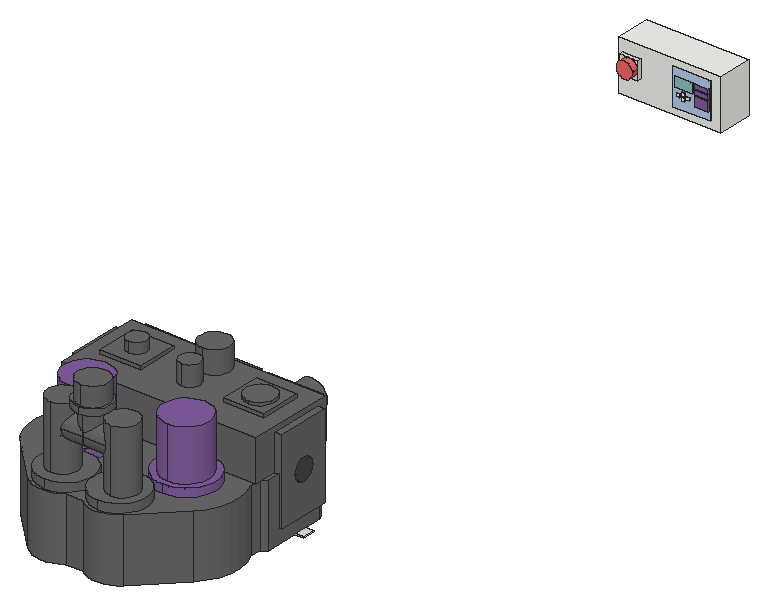
Revit family "28765", category Generic Models, Revit 2021
Family settings
  Can host rebar = No
  Round Connector Dimension = Use Diameter
  Part Type = Normal
  Work Plane-Based = No
  Always vertical = Yes
  Cut with Voids When Loaded = No
  Shared = Yes
  Room Calculation Point = No
Parameters (values of type "28765")
  SUPPLIER = "KESSEL"
  SA700ID50 = "intern"
  SA700ID49 = "Protection Class I"
  SA700ID48 = "no"
  SA700ID47 = "no"
  SA700ID46 = "yes"
  SA700ID37 = 16000 mm
  SA700ID34 = 47
  SA700ID33 = 3.2 W
  SA700ID32 = 90.25 kg
  SA700ID31 = 1
  SA700ID30 = 2
  SA700ID29 = "GLRD"
  SA700ID21 = 1600
  SA700ID10 = "yes"
  SA700ID08 = 400 V
  PROCUREWEBLINK = "https://p.caden.as/kessel/28765"
  PROCURELINK = "p.caden.as/kessel/28765"
  PROCUREDATALASTUPDATE = "2024-05-22T12:18:08.843890823+01:00"
  PRC_SPECIFICATIONLINK = "https://ausschreiben.de/catalog/kessel/catalogItem/beda1956-8d32-4baa-b877-114dab5ccb04"
  NN = "Lifting station Aqualift F"
  NBSYN = "$SA810ID03."
  NB = "28765"
  Model = "28765"
  Manufacturer = "KESSEL"
  MIdent = "{$CADENAS_DATA/23d-libs/kessel/kessel_vdi_import/4/entwaesserung/hebeanlage20aqualift20f.prj},198 {STYP=ASS},{VTYP=3D},{NB=28765},{LINA=28765},{NN=Lifting station Aqualift F},{DATE=21.11.2022 10:45:45},{GEOMDATE=21.11.2022 10:45:45},{VERSION=},{LINEID=250},{WBVAR=LODLEVEL},{WBNUMERIC=LODLEVEL}  {NB=28765},{LINA=28765},{KT=DUMMY},{PREVIEW=../../bilder/ksb_w_28765.png},{SA700ID04=Hebeanlage Aqualift F Duo, Comfort, SPF 3000-S3},{SA810ID06=04026092054567},{SA700ID34=47.00},{SA010ID03=201805},{SA810ID03=28765},{SA810ID10=Die Hebeanlage für fäkalienhaltiges und fäkalienfreies Abwasser ist mit zwei überflutbaren Pumpen sowie einem Rückflussverhinderer ausgestattet. Der Sammelbehälter aus dauerhaft beständigem Kunststoff (PE) bietet universale Anschlussmöglichkeiten und hat eine verschraubte Reinigungsöffnung.Die Steuerung erfolgt durch ein anwenderfreundliches Schaltgerät, das optional über einen potentialfreien Kontakt in die Gebäudeleittechnik eingebunden werden oder Alarm- und Sammelstörmeldungen über eine GSM-Schnittstelle (Comfort Schaltgerät) ausgeben kann.Ausführung:Absperreinrichtung: ohne SchieberAnlagenart: DoppelanlagePumpensteuerung: SchaltgerätRückflussverhinderer: integriertSchalldämmmatte: jaEinbausituation: freie AufstellungAbwasserart: fäkalienhaltigAllgemeine Merkmale:Farbe: schwarzNorm: EN 12050-1Abmessungen:Länge: 773 mmBreite: 780 mmHöhe: 539 mmBehälter/Grundkörper:Zulauf Anzahl: 2 STZulauf Nennweite (DN): 100 mmZulauf Nennweite (DA): 110 mmZulauf max. Anbohrung (DN): 150 mmAbstand Rohrsohle Zulauf zu Behälterboden: 245 mmAbstand Rohrmitte Zulauf zu Behälterboden: 300 mmAnschluss für Handmembranpumpe (DN): 32Behältervolumen: 120 lDruckabgang: senkrechtDruckabgang (DA): 110 mmDruckabgang (DN): 100 mmEntlüftungsanschluss (DN): 70 mmNutzvolumen: 50 lFreier Kugeldurchgang: 40 mmFördereinrichtung:Pumpe: SPF 3000Anzahl Pumpen: 2Förderhöhe max.: 16 mFörderleistung max.: 47 m3/hBetriebsart: S3 - 50 %Leistung P1: 3,2 kWLeistung P2: 2,7 kWDrehzahl: 2.845 U/minFörderguttemperatur (dauerhaft) max.: 40 °CAnschlusstyp: DirektanschlussGewicht: 24 kgLaufrad Typ: FreistromradLänge Netzanschlussleitung Pumpe: 5 mNennstrom: 5,4 ASchutzart Pumpe: IP 68 (3m/48h)Schutzklasse: ITyp Anschlussleitung Pumpe: H07RN-F 7G 1,5 mm2Temperaturüberwachung: integriertSteuerung:Schaltgerät: ComfortBetriebsspannung: 400 VNetzfrequenz: 50 HzSelbstdiagnosesystem (SDS): jaBatteriepufferung: jaMehrzeilige Displayanzeige: jaLogbuchfunktion: jaGSM-Schnittstelle: jaPotentialfreier Kontakt: jaErforderliche Absicherung (Leitungsschutz): 3 x C 20 AMotorschutz Schalter: jaSchutzart Schaltgerät: IP 54Länge Netzanschlussleitung Schaltgerät: 0 mArt Niveauerfassung: pneumatischInstrument Niveauerfassung: Tauchrohr mit DruckwächterAlarmgeber: Tauchrohr},{SA700ID37=16.00},{SA700ID33=3.20},{SA700ID08=400},{SA700ID30=2},{SA700ID32=90.25},{SA700ID49=Schutzklasse I},{SA700ID50=intern},{SA200ID03=6},{SA250ID03=vertikal},{SA260ID03=Trockenläuferpumpe},{SA350ID03=normalansaugend},{SA400ID03=E-Motor für Drehstrom},{SA460ID03=direkt},{SA500ID03=Kunststoff, Edelstahl},{SA700ID06=100},{SA700ID07=100},{SA700ID09=3/N/PE 400V},{SA700ID10=Ja},{SA700ID11=50},{SA700ID12=IP 68},{SA700ID13=F},{SA700ID15=40},{SA700ID21=1600.00},{SA700ID22=2.70},{SA700ID23=2845},{SA700ID24=2845},{SA700ID26=5.40},{SA700ID27=41.00},{SA700ID28=durchgehend},{SA700ID29=GLRD},{SA700ID31=1},{SA700ID46=ja},{SA700ID47=nein},{SA700ID48=nein},{SA110ID04=Hebeanlage Aqualift F},{SA300ID03=einstufig},{SA700ID44=10.00},{SA700ID45=10.00},{SA010ID04=KESSEL AG},{LODLEVEL=200},{LINK=https://www.kessel.de/info?han=28765},{SA970ID01=970},{SA970ID02=7096},{SA970ID03=28765},{SA970ID04=11002617},{SA970ID05=QUAD},{SA970ID06=-410},{SA970ID07=-678},{SA970ID08=0},{SA970ID09=1},{SA970ID10=0},{SA970ID11=0},{SA970ID12=0},{SA970ID13=1},{SA970ID14=0},{SA970ID15=819.99},{SA970ID16=843},{SA970ID17=600},{LODLEVEL_=200,'Low'},{LODLEVEL_DEU=200,'Low'},{LINK_=https://www.kessel.de/info?han=28765},{LINK_DEU=https://www.kessel.de/info?han=28765},{LODLEVEL_3DB=28765_200},{DNIN1=100},{DNIN2=70},{DNIN3=10},{DNIN4=10},{DNIN5=10},{DNIN6=50},{DNIN7=50},{DNIN8=50},{DNIN9=50},{DNOUT1=100},{DNOUT2=70},{DNOUT3=32},{ISDIN1=75},{ISDIN2=83.200},{ISDIN3=10},{ISDOUT1=70.000},{ISDOUT2=73.200},{ISDOUT3=75},{SA010ID01=010},{SA010ID02=4},{SA010ID06=www.kessel.de},{SA010ID07=www.kessel.de},{SA010ID12=20180713},{SA010ID13=DEU},{SA010ID14=DE},{SA100ID01=100},{SA100ID02=4},{SA100ID04=Entwässerung},{SA110ID01=110},{SA110ID02=4},{SA200ID01=200},{SA200ID02=6},{SA250ID01=250},{SA250ID02=2},{SA260ID01=260},{SA260ID02=2},{SA300ID01=300},{SA300ID02=1},{SA350ID01=350},{SA350ID02=1},{SA400ID01=400},{SA400ID02=2},{SA460ID01=460},{SA460ID02=1},{SA500ID01=500},{SA500ID02=1},{SA700ID01=700},{SA700ID02=24},{SA700ID10_=1},{SA700ID16=0},{SA700ID25=0},{SA700ID46_=1},{SA700ID47_=0},{SA700ID48_=0},{SA700ID49_=1},{SA700ID50_=2},{SA800ID01=800},{SA800ID02=24},{SA810ID01=810},{SA810ID02=24},{SA810ID04=28765},{SA810ID07=24},{SA810ID09=1},{SA810ID14=PCE},{SA810ID15=1},{SA810ID16=NMP},{SA960ID03=24},{SA960ID04=3L},{SA960ID08=https://www.kessel.de/info?han=28765},{SA010ID08=4026092000007},{SA100ID05=Hebeanlage},{SA110ID06=Hebeanlage}"
  LINK = "https://www.kessel.de/info?han=28765"
  LINA = "28765"
  Default Elevation = 0 mm
  CREATOR = "CADENAS GmbH"
  CATALOG = "KESSEL"
  BOMINFO = "LINA"
  ARTICLENO = "NB"
  4.810.00.9 Order quantity (multiplicator) = "1"
  4.810.00.7 Media- connection number = "24"
  4.810.00.6 GTIN number = "04026092054567"
  4.810.00.4 DATANORM number = "28765"
  4.810.00.3 Producer order number = "28765"
  4.710.03.7 Mass (net) = 90.25 kg
  4.710.03.6 Height = 539 mm
  4.710.03.5 Width = 780 mm
  4.710.03.4 Length = 773 mm
  4.710.03.3 Type of dimensions = "2"
  4.710.02.8 Area of application of wastewater pump = "1"
  4.710.02.7 Art des S2/S3-Betriebs = "50 %"
  4.710.02.6 Duty type = "S3"
  4.710.02.5 Cutting device = "0"
  4.710.02.4 Attached pump control = "1"
  4.710.02.3 Free passage = 40 mm
  4.710.01.6 Option to connect to building automation = "40"
  4.710.01.5 Load regulation = "0"
  4.710.01.4 Designation of closed-loop control = "50"
  4.710.01.3 Identifier for closed-loop control = "120"
  4.700.00.9 Voltage = 0
  4.700.00.8 Nominal connection size on suction side = "100"
  4.700.00.7 Nominal connection size on pressure side = "100"
  4.700.00.6 Type of connection = "100"
  4.700.00.4 Product indentification = "Hebeanlage Aqualift F Duo, Comfort, SPF 3000-S3"
  4.700.00.28 Motor pump shaft = "durchgehend"
  4.700.00.27 Starting current = 41
  4.700.00.26 Maximum power consumption per pump / drive = 5.4
  4.700.00.25 Minimum speed at internal speed adjustment = 0
  4.700.00.24 Nominal speed / maximum speed n = 47.4167
  4.700.00.23 Nominal speed of motor = 47.4167
  4.700.00.22 Maximum shaft output (P2) per pump/drive = 2.7 W
  4.700.00.16 Maximum temperature of pumped medium = 0 °C
  4.700.00.15 Increased safety class = "40 °C"
  4.700.00.13 Type of protection = "F"
  4.700.00.12 Frequency = 0
  4.700.00.11 Stern-/Dreieck-Anlaufschaltung bei Dreiphasenanschluss oder Drehstrom = "50 Hz"
  4.700.00.10 Phase = "1"
  4.500.00.3 Variant / Variant type / Accessories-name = "Kunststoff, Edelstahl"
  4.460.00.3 Variant / Variant type / Accessories-name = "direkt"
  4.400.00.3 Variant / Variant type / Accessories-name = "E-Motor für Drehstrom"
  4.350.00.3 Variant / Variant type / Accessories-name = "normalansaugend"
  4.300.00.3 Variant / Variant type / Accessories-name = "einstufig"
  4.260.00.3 Variant / Variant type / Accessories-name = "Trockenläuferpumpe"
  4.250.00.3 Variant / Variant type / Accessories-name = "vertikal"
  4.200.00.3 Variant / Variant type / Accessories-name = "6"
  4.110.00.6 Product classification = "Hebeanlage"
  4.110.00.4 Product indentification = "Hebeanlage Aqualift F"
  4.100.00.5 Main groups of wares = "Hebeanlage"
  4.100.00.4 Product indentification = "Entwässerung"
  4.010.00.8 Producer ID number = "4026092000007"
  4.010.00.7 Comment = "www.kessel.de"
  4.010.00.6 Web address of the manufacturer = "www.kessel.de"
  4.010.00.4 Manufacturer name = "KESSEL AG"
  4.010.00.3 Date of issuance (month) of guideline = "201805"
  4.010.00.2 Sheet number of the guideline = "4"
  4.010.00.14 Kennungen der Projektländer, für die die Datei gültig ist = "DE"
  4.010.00.13 Sprache der Datei = "DEU"
  4.010.00.12 Stand des Herstellerkatalogs = "20180713"
Reference planes
  plane 1 "Center (Front/Back)": y = 0
  plane 2: z = 0
  plane 3 "Center (Left/Right)": x = 0
Dimensions and locks
  aligned and locked: level to plane 2
Nested families
  nested 1: "28765_content" at (0, 0, 0), type "28765_Content"
  nested 2: "28765_part1_X0Y0" at (1000, 1000, 1200), type "28765_PART1_X0Y0"
  nested 3: "28765_part2_X0Y0" at (0, 0, 0), type "28765_PART2_X0Y0"
Connectors
  electrical at (861, 933, 1201.5)
    settings: on nested 2, index 1, voltage 0 V, apparent load 0 VA, apparent load phase1 0 VA, apparent load phase2 0 VA, apparent load phase3 0 VA, power factor 1, load classification "Other", number of poles 1, system type 31, power factor state 1, is connector primary yes, connector utility no, sub classification motor no, connector description ""
  piping at (230, 164.99, 301), diameter 100
    settings: on nested 3, index 2, connector inside diameter 609.6 mm, connector length 0 mm, flow factor 0, pipe flow 0.0 L/s, pressure drop 0.0 Pa, fitting loss kfactor 0, connector angle 0.00°, fixture units 0, engagement length 0 mm, angle of deflection 0.00°, flow configuration 0, flow direction 1, fitting loss method 2, system type 29, joint type 0, gender type 0, connector reference index -1, connector utility 0, adjustable connector no, is connector primary yes, connector description ""
  piping at (0, 0, 471), diameter 100
    settings: on nested 3, index 3, connector inside diameter 609.6 mm, connector length 0 mm, flow factor 0, pipe flow 0.0 L/s, pressure drop 0.0 Pa, fitting loss kfactor 0, connector angle 0.00°, fixture units 0, engagement length 0 mm, angle of deflection 0.00°, flow configuration 0, flow direction 1, fitting loss method 2, system type 29, joint type 0, gender type 0, connector reference index -1, connector utility 0, adjustable connector no, is connector primary no, connector description ""
  piping at (391.5, -74.999, 214), diameter 70
    settings: on nested 3, index 4, connector inside diameter 609.6 mm, connector length 0 mm, flow factor 0, pipe flow 0.0 L/s, pressure drop 0.0 Pa, fitting loss kfactor 0, connector angle 0.00°, fixture units 0, engagement length 0 mm, angle of deflection 0.00°, flow configuration 0, flow direction 0, fitting loss method 2, system type 29, joint type 0, gender type 0, connector reference index -1, connector utility 0, adjustable connector no, is connector primary no, connector description ""
  piping at (0.999, 96.5, 214), diameter 70
    settings: on nested 3, index 5, connector inside diameter 609.6 mm, connector length 0 mm, flow factor 0, pipe flow 0.0 L/s, pressure drop 0.0 Pa, fitting loss kfactor 0, connector angle 0.00°, fixture units 0, engagement length 0 mm, angle of deflection 0.00°, flow configuration 0, flow direction 0, fitting loss method 2, system type 29, joint type 0, gender type 0, connector reference index -1, connector utility 0, adjustable connector no, is connector primary no, connector description ""
  piping at (-230.25, 91.49, 214), diameter 70
    settings: on nested 3, index 6, connector inside diameter 609.6 mm, connector length 0 mm, flow factor 0, pipe flow 0.0 L/s, pressure drop 0.0 Pa, fitting loss kfactor 0, connector angle 0.00°, fixture units 0, engagement length 0 mm, angle of deflection 0.00°, flow configuration 0, flow direction 0, fitting loss method 2, system type 29, joint type 0, gender type 0, connector reference index -1, connector utility 0, adjustable connector no, is connector primary no, connector description ""
  piping at (-391.5, -75, 214), diameter 70
    settings: on nested 3, index 7, connector inside diameter 609.6 mm, connector length 0 mm, flow factor 0, pipe flow 0.0 L/s, pressure drop 0.0 Pa, fitting loss kfactor 0, connector angle 0.00°, fixture units 0, engagement length 0 mm, angle of deflection 0.00°, flow configuration 0, flow direction 0, fitting loss method 2, system type 29, joint type 0, gender type 0, connector reference index -1, connector utility 0, adjustable connector no, is connector primary no, connector description ""
  piping at (0, -115, 461), diameter 70
    settings: on nested 3, index 8, connector inside diameter 609.6 mm, connector length 0 mm, flow factor 0, pipe flow 0.0 L/s, pressure drop 0.0 Pa, fitting loss kfactor 0, connector angle 0.00°, fixture units 0, engagement length 0 mm, angle of deflection 0.00°, flow configuration 0, flow direction 2, fitting loss method 2, system type 29, joint type 0, gender type 0, connector reference index -1, connector utility 0, adjustable connector no, is connector primary no, connector description ""
  piping at (0, -568, 600), diameter 100
    settings: on nested 3, index 9, connector inside diameter 609.6 mm, connector length 0 mm, flow factor 0, pipe flow 0.0 L/s, pressure drop 0.0 Pa, fitting loss kfactor 0, connector angle 0.00°, fixture units 0, engagement length 0 mm, angle of deflection 0.00°, flow configuration 0, flow direction 2, fitting loss method 2, system type 29, joint type 0, gender type 0, connector reference index -1, connector utility 0, adjustable connector no, is connector primary no, connector description ""
  piping at (230, 164.99, 81.07), diameter 32
    settings: on nested 3, index 10, connector inside diameter 609.6 mm, connector length 0 mm, flow factor 0, pipe flow 0.0 L/s, pressure drop 0.0 Pa, fitting loss kfactor 0, connector angle 0.00°, fixture units 0, engagement length 0 mm, angle of deflection 0.00°, flow configuration 0, flow direction 2, fitting loss method 2, system type 29, joint type 0, gender type 0, connector reference index -1, connector utility 0, adjustable connector no, is connector primary no, connector description ""
  electrical at (185, -365, 457)
    settings: on nested 3, index 11, voltage 0 V, apparent load 0 VA, apparent load phase1 0 VA, apparent load phase2 0 VA, apparent load phase3 0 VA, power factor 1, load classification "Other", number of poles 1, system type 31, power factor state 1, is connector primary no, connector utility no, sub classification motor no, connector description ""
  electrical at (-185, -364.75, 457)
    settings: on nested 3, index 12, voltage 0 V, apparent load 0 VA, apparent load phase1 0 VA, apparent load phase2 0 VA, apparent load phase3 0 VA, power factor 1, load classification "Other", number of poles 1, system type 31, power factor state 1, is connector primary no, connector utility no, sub classification motor no, connector description ""
  electrical at (-230.6, -74.8, 436.49)
    settings: on nested 3, index 13, voltage 0 V, apparent load 0 VA, apparent load phase1 0 VA, apparent load phase2 0 VA, apparent load phase3 0 VA, power factor 1, load classification "Other", number of poles 1, system type 31, power factor state 1, is connector primary no, connector utility no, sub classification motor no, connector description ""
Definition of nested family "28765_part1_X0Y0"
  Parameters (values of type "28765_PART1_X0Y0")
    SUPPLIER = "KESSEL"
    SA700ID50 = "intern"
    SA700ID49 = "Protection Class I"
    SA700ID48 = "no"
    SA700ID47 = "no"
    SA700ID46 = "yes"
    SA700ID37 = 16000 mm
    SA700ID34 = 47
    SA700ID33 = 3.2 W
    SA700ID32 = 90.25 kg
    SA700ID31 = 1
    SA700ID30 = 2
    SA700ID29 = "GLRD"
    SA700ID21 = 1600
    SA700ID10 = "yes"
    SA700ID08 = 400 V
    NBSYN = "$SA810ID03._PART1"
    NB = "28765_PART1"
    Model = "28765_PART1"
    Manufacturer = "KESSEL"
    MIdent = "{$CADENAS_DATA/23d-libs/kessel/kessel_vdi_import/4/entwaesserung/hebeanlage20aqualift20f.prj},218 {VTYP=3D},{NB=28765_PART1},{LINA=28765_PART1},{NN=Lifting station Aqualift F_PART1},{NOPRJ=TRUE},{DATE=21.11.2022 10:45:45},{GEOMDATE=21.11.2022 10:45:45},{VERSION=},{LINEID=250},{WBVAR=LODLEVEL},{WBNUMERIC=LODLEVEL}  {NB=28765_PART1},{LINA=28765_PART1},{KT=DUMMY},{PREVIEW=../../bilder/ksb_w_28765.png},{SA700ID04=Hebeanlage Aqualift F Duo, Comfort, SPF 3000-S3},{SA810ID06=04026092054567},{SA700ID34=47.00},{SA010ID03=201805},{SA810ID03=28765},{SA810ID10=Die Hebeanlage für fäkalienhaltiges und fäkalienfreies Abwasser ist mit zwei überflutbaren Pumpen sowie einem Rückflussverhinderer ausgestattet. Der Sammelbehälter aus dauerhaft beständigem Kunststoff (PE) bietet universale Anschlussmöglichkeiten und hat eine verschraubte Reinigungsöffnung.Die Steuerung erfolgt durch ein anwenderfreundliches Schaltgerät, das optional über einen potentialfreien Kontakt in die Gebäudeleittechnik eingebunden werden oder Alarm- und Sammelstörmeldungen über eine GSM-Schnittstelle (Comfort Schaltgerät) ausgeben kann.Ausführung:Absperreinrichtung: ohne SchieberAnlagenart: DoppelanlagePumpensteuerung: SchaltgerätRückflussverhinderer: integriertSchalldämmmatte: jaEinbausituation: freie AufstellungAbwasserart: fäkalienhaltigAllgemeine Merkmale:Farbe: schwarzNorm: EN 12050-1Abmessungen:Länge: 773 mmBreite: 780 mmHöhe: 539 mmBehälter/Grundkörper:Zulauf Anzahl: 2 STZulauf Nennweite (DN): 100 mmZulauf Nennweite (DA): 110 mmZulauf max. Anbohrung (DN): 150 mmAbstand Rohrsohle Zulauf zu Behälterboden: 245 mmAbstand Rohrmitte Zulauf zu Behälterboden: 300 mmAnschluss für Handmembranpumpe (DN): 32Behältervolumen: 120 lDruckabgang: senkrechtDruckabgang (DA): 110 mmDruckabgang (DN): 100 mmEntlüftungsanschluss (DN): 70 mmNutzvolumen: 50 lFreier Kugeldurchgang: 40 mmFördereinrichtung:Pumpe: SPF 3000Anzahl Pumpen: 2Förderhöhe max.: 16 mFörderleistung max.: 47 m3/hBetriebsart: S3 - 50 %Leistung P1: 3,2 kWLeistung P2: 2,7 kWDrehzahl: 2.845 U/minFörderguttemperatur (dauerhaft) max.: 40 °CAnschlusstyp: DirektanschlussGewicht: 24 kgLaufrad Typ: FreistromradLänge Netzanschlussleitung Pumpe: 5 mNennstrom: 5,4 ASchutzart Pumpe: IP 68 (3m/48h)Schutzklasse: ITyp Anschlussleitung Pumpe: H07RN-F 7G 1,5 mm2Temperaturüberwachung: integriertSteuerung:Schaltgerät: ComfortBetriebsspannung: 400 VNetzfrequenz: 50 HzSelbstdiagnosesystem (SDS): jaBatteriepufferung: jaMehrzeilige Displayanzeige: jaLogbuchfunktion: jaGSM-Schnittstelle: jaPotentialfreier Kontakt: jaErforderliche Absicherung (Leitungsschutz): 3 x C 20 AMotorschutz Schalter: jaSchutzart Schaltgerät: IP 54Länge Netzanschlussleitung Schaltgerät: 0 mArt Niveauerfassung: pneumatischInstrument Niveauerfassung: Tauchrohr mit DruckwächterAlarmgeber: Tauchrohr},{SA700ID37=16.00},{SA700ID33=3.20},{SA700ID08=400},{SA700ID30=2},{SA700ID32=90.25},{SA700ID49=Schutzklasse I},{SA700ID50=intern},{SA200ID03=6},{SA250ID03=vertikal},{SA260ID03=Trockenläuferpumpe},{SA350ID03=normalansaugend},{SA400ID03=E-Motor für Drehstrom},{SA460ID03=direkt},{SA500ID03=Kunststoff, Edelstahl},{SA700ID06=100},{SA700ID07=100},{SA700ID09=3/N/PE 400V},{SA700ID10=Ja},{SA700ID11=50},{SA700ID12=IP 68},{SA700ID13=F},{SA700ID15=40},{SA700ID21=1600.00},{SA700ID22=2.70},{SA700ID23=2845},{SA700ID24=2845},{SA700ID26=5.40},{SA700ID27=41.00},{SA700ID28=durchgehend},{SA700ID29=GLRD},{SA700ID31=1},{SA700ID46=ja},{SA700ID47=nein},{SA700ID48=nein},{SA110ID04=Hebeanlage Aqualift F},{SA300ID03=einstufig},{SA700ID44=10.00},{SA700ID45=10.00},{SA010ID04=KESSEL AG},{LODLEVEL=200},{LINK=https://www.kessel.de/info?han=28765},{SA970ID01=970},{SA970ID02=7096},{SA970ID03=28765},{SA970ID04=11002617},{SA970ID05=QUAD},{SA970ID06=-410},{SA970ID07=-678},{SA970ID08=0},{SA970ID09=1},{SA970ID10=0},{SA970ID11=0},{SA970ID12=0},{SA970ID13=1},{SA970ID14=0},{SA970ID15=819.99},{SA970ID16=843},{SA970ID17=600},{LODLEVEL_=200,'Low'},{LODLEVEL_DEU=200,'Low'},{LINK_=https://www.kessel.de/info?han=28765},{LINK_DEU=https://www.kessel.de/info?han=28765},{LODLEVEL_3DB=28765_200},{DNIN1=100},{DNIN2=70},{DNIN3=10},{DNIN4=10},{DNIN5=10},{DNIN6=50},{DNIN7=50},{DNIN8=50},{DNIN9=50},{DNOUT1=100},{DNOUT2=70},{DNOUT3=32},{ISDIN1=75},{ISDIN2=83.200},{ISDIN3=10},{ISDOUT1=70.000},{ISDOUT2=73.200},{ISDOUT3=75},{SA010ID01=010},{SA010ID02=4},{SA010ID06=www.kessel.de},{SA010ID07=www.kessel.de},{SA010ID12=20180713},{SA010ID13=DEU},{SA010ID14=DE},{SA100ID01=100},{SA100ID02=4},{SA100ID04=Entwässerung},{SA110ID01=110},{SA110ID02=4},{SA200ID01=200},{SA200ID02=6},{SA250ID01=250},{SA250ID02=2},{SA260ID01=260},{SA260ID02=2},{SA300ID01=300},{SA300ID02=1},{SA350ID01=350},{SA350ID02=1},{SA400ID01=400},{SA400ID02=2},{SA460ID01=460},{SA460ID02=1},{SA500ID01=500},{SA500ID02=1},{SA700ID01=700},{SA700ID02=24},{SA700ID10_=1},{SA700ID16=0},{SA700ID25=0},{SA700ID46_=1},{SA700ID47_=0},{SA700ID48_=0},{SA700ID49_=1},{SA700ID50_=2},{SA800ID01=800},{SA800ID02=24},{SA810ID01=810},{SA810ID02=24},{SA810ID04=28765},{SA810ID07=24},{SA810ID09=1},{SA810ID14=PCE},{SA810ID15=1},{SA810ID16=NMP},{SA960ID03=24},{SA960ID04=3L},{SA960ID08=https://www.kessel.de/info?han=28765},{SA010ID08=4026092000007},{SA100ID05=Hebeanlage},{SA110ID06=Hebeanlage}"
    LINK = "https://www.kessel.de/info?han=28765"
    LINA = "28765_PART1"
    Default Elevation = 1219.2 mm
    CREATOR = "CADENAS GmbH"
    CATALOG = "KESSEL"
    BOMINFO = "LINA"
    ARTICLENO = "NB"
    4.810.00.9 Order quantity (multiplicator) = "1"
    4.810.00.7 Media- connection number = "24"
    4.810.00.6 GTIN number = "04026092054567"
    4.810.00.4 DATANORM number = "28765"
    4.810.00.3 Producer order number = "28765"
    4.710.03.7 Mass (net) = 90.25 kg
    4.710.03.6 Height = 539 mm
    4.710.03.5 Width = 780 mm
    4.710.03.4 Length = 773 mm
    4.710.03.3 Type of dimensions = "2"
    4.710.02.8 Area of application of wastewater pump = "1"
    4.710.02.7 Art des S2/S3-Betriebs = "50 %"
    4.710.02.6 Duty type = "S3"
    4.710.02.5 Cutting device = "0"
    4.710.02.4 Attached pump control = "1"
    4.710.02.3 Free passage = 40 mm
    4.710.01.6 Option to connect to building automation = "40"
    4.710.01.5 Load regulation = "0"
    4.710.01.4 Designation of closed-loop control = "50"
    4.710.01.3 Identifier for closed-loop control = "120"
    4.700.00.9 Voltage = 0
    4.700.00.8 Nominal connection size on suction side = "100"
    4.700.00.7 Nominal connection size on pressure side = "100"
    4.700.00.6 Type of connection = "100"
    4.700.00.4 Product indentification = "Hebeanlage Aqualift F Duo, Comfort, SPF 3000-S3"
    4.700.00.28 Motor pump shaft = "durchgehend"
    4.700.00.27 Starting current = 41
    4.700.00.26 Maximum power consumption per pump / drive = 5.4
    4.700.00.25 Minimum speed at internal speed adjustment = 0
    4.700.00.24 Nominal speed / maximum speed n = 47.4167
    4.700.00.23 Nominal speed of motor = 47.4167
    4.700.00.22 Maximum shaft output (P2) per pump/drive = 2.7 W
    4.700.00.16 Maximum temperature of pumped medium = 0 °C
    4.700.00.15 Increased safety class = "40 °C"
    4.700.00.13 Type of protection = "F"
    4.700.00.12 Frequency = 0
    4.700.00.11 Stern-/Dreieck-Anlaufschaltung bei Dreiphasenanschluss oder Drehstrom = "50 Hz"
    4.700.00.10 Phase = "1"
    4.500.00.3 Variant / Variant type / Accessories-name = "Kunststoff, Edelstahl"
    4.460.00.3 Variant / Variant type / Accessories-name = "direkt"
    4.400.00.3 Variant / Variant type / Accessories-name = "E-Motor für Drehstrom"
    4.350.00.3 Variant / Variant type / Accessories-name = "normalansaugend"
    4.300.00.3 Variant / Variant type / Accessories-name = "einstufig"
    4.260.00.3 Variant / Variant type / Accessories-name = "Trockenläuferpumpe"
    4.250.00.3 Variant / Variant type / Accessories-name = "vertikal"
    4.200.00.3 Variant / Variant type / Accessories-name = "6"
    4.110.00.6 Product classification = "Hebeanlage"
    4.110.00.4 Product indentification = "Hebeanlage Aqualift F"
    4.100.00.5 Main groups of wares = "Hebeanlage"
    4.100.00.4 Product indentification = "Entwässerung"
    4.010.00.8 Producer ID number = "4026092000007"
    4.010.00.7 Comment = "www.kessel.de"
    4.010.00.6 Web address of the manufacturer = "www.kessel.de"
    4.010.00.4 Manufacturer name = "KESSEL AG"
    4.010.00.3 Date of issuance (month) of guideline = "201805"
    4.010.00.2 Sheet number of the guideline = "4"
    4.010.00.14 Kennungen der Projektländer, für die die Datei gültig ist = "DE"
    4.010.00.13 Sprache der Datei = "DEU"
    4.010.00.12 Stand des Herstellerkatalogs = "20180713"
  Reference planes
    plane 1 "Center (Front/Back)": y = 0
    plane 2: z = 0
    plane 3 "Center (Left/Right)": x = 0
  Dimensions and locks
    aligned and locked: level to plane 2
  Nested families
    nested 1: "28765_part1_content" at (0, 0, 0), type "28765_PART1_Content"
  Definition of nested family "28765_part1_content"
    Parameters (values of type "28765_PART1_Content")
      SUPPLIER = "KESSEL"
      SA700ID50 = "intern"
      SA700ID49 = "Protection Class I"
      SA700ID48 = "no"
      SA700ID47 = "no"
      SA700ID46 = "yes"
      SA700ID37 = 16000 mm
      SA700ID34 = 47
      SA700ID33 = 3.2 W
      SA700ID32 = 90.25 kg
      SA700ID31 = 1
      SA700ID30 = 2
      SA700ID29 = "GLRD"
      SA700ID21 = 1600
      SA700ID10 = "yes"
      SA700ID08 = 400 V
      NBSYN = "$SA810ID03._PART1"
      NB = "28765_PART1"
      Model = "28765_PART1"
      Manufacturer = "KESSEL"
      LINK = "https://www.kessel.de/info?han=28765"
      LINA = "28765_PART1"
      Default Elevation = 1219.2 mm
      CREATOR = "CADENAS GmbH"
      CATALOG = "KESSEL"
      BOMINFO = "LINA"
      ARTICLENO = "NB"
      4.810.00.9 Order quantity (multiplicator) = "1"
      4.810.00.7 Media- connection number = "24"
      4.810.00.6 GTIN number = "04026092054567"
      4.810.00.4 DATANORM number = "28765"
      4.810.00.3 Producer order number = "28765"
      4.710.03.7 Mass (net) = 90.25 kg
      4.710.03.6 Height = 539 mm
      4.710.03.5 Width = 780 mm
      4.710.03.4 Length = 773 mm
      4.710.03.3 Type of dimensions = "2"
      4.710.02.8 Area of application of wastewater pump = "1"
      4.710.02.7 Art des S2/S3-Betriebs = "50 %"
      4.710.02.6 Duty type = "S3"
      4.710.02.5 Cutting device = "0"
      4.710.02.4 Attached pump control = "1"
      4.710.02.3 Free passage = 40 mm
      4.710.01.6 Option to connect to building automation = "40"
      4.710.01.5 Load regulation = "0"
      4.710.01.4 Designation of closed-loop control = "50"
      4.710.01.3 Identifier for closed-loop control = "120"
      4.700.00.9 Voltage = 0
      4.700.00.8 Nominal connection size on suction side = "100"
      4.700.00.7 Nominal connection size on pressure side = "100"
      4.700.00.6 Type of connection = "100"
      4.700.00.4 Product indentification = "Hebeanlage Aqualift F Duo, Comfort, SPF 3000-S3"
      4.700.00.28 Motor pump shaft = "durchgehend"
      4.700.00.27 Starting current = 41
      4.700.00.26 Maximum power consumption per pump / drive = 5.4
      4.700.00.25 Minimum speed at internal speed adjustment = 0
      4.700.00.24 Nominal speed / maximum speed n = 47.4167
      4.700.00.23 Nominal speed of motor = 47.4167
      4.700.00.22 Maximum shaft output (P2) per pump/drive = 2.7 W
      4.700.00.16 Maximum temperature of pumped medium = 0 °C
      4.700.00.15 Increased safety class = "40 °C"
      4.700.00.13 Type of protection = "F"
      4.700.00.12 Frequency = 0
      4.700.00.11 Stern-/Dreieck-Anlaufschaltung bei Dreiphasenanschluss oder Drehstrom = "50 Hz"
      4.700.00.10 Phase = "1"
      4.500.00.3 Variant / Variant type / Accessories-name = "Kunststoff, Edelstahl"
      4.460.00.3 Variant / Variant type / Accessories-name = "direkt"
      4.400.00.3 Variant / Variant type / Accessories-name = "E-Motor für Drehstrom"
      4.350.00.3 Variant / Variant type / Accessories-name = "normalansaugend"
      4.300.00.3 Variant / Variant type / Accessories-name = "einstufig"
      4.260.00.3 Variant / Variant type / Accessories-name = "Trockenläuferpumpe"
      4.250.00.3 Variant / Variant type / Accessories-name = "vertikal"
      4.200.00.3 Variant / Variant type / Accessories-name = "6"
      4.110.00.6 Product classification = "Hebeanlage"
      4.110.00.4 Product indentification = "Hebeanlage Aqualift F"
      4.100.00.5 Main groups of wares = "Hebeanlage"
      4.100.00.4 Product indentification = "Entwässerung"
      4.010.00.8 Producer ID number = "4026092000007"
      4.010.00.7 Comment = "www.kessel.de"
      4.010.00.6 Web address of the manufacturer = "www.kessel.de"
      4.010.00.4 Manufacturer name = "KESSEL AG"
      4.010.00.3 Date of issuance (month) of guideline = "201805"
      4.010.00.2 Sheet number of the guideline = "4"
      4.010.00.14 Kennungen der Projektländer, für die die Datei gültig ist = "DE"
      4.010.00.13 Sprache der Datei = "DEU"
      4.010.00.12 Stand des Herstellerkatalogs = "20180713"
    Reference planes
      plane 1 "Center (Front/Back)": y = 0
      plane 2: z = 0
      plane 3 "Center (Left/Right)": x = 0
    Forms (mm)
      Extrusion 1, solid, detail levels medium+fine
        sketch origin (189.25, -1.75, 0.2) x (0, -1, 0) y (0, 0, 1)
          loop
            line (0, 187.8) -> (0, 0) -> (127.75, 0) -> (127.75, 187.8) -> (0, 187.8)
        from 0 to 378.5
      Extrusion 2, solid, detail levels medium+fine
        sketch origin (-4, -67, 0) x (0, 1, 0) y (-1, 0, 0)
          loop
            circle (0, 0) r 12.5
        from 0 to 1.5
      Extrusion 3, solid, detail levels medium+fine
        sketch origin (150.8, -129.5, 26.5) x (0, -1, 0) y (0, 0, 1)
          loop
            line (-1.2, 134.8) -> (-1.2, 0) -> (0.25, 0) -> (0.25, 134.8) -> (-1.2, 134.8)
        from 0 to 139.9
      Extrusion 4, solid, detail levels medium+fine
        sketch origin (72.55, -129.75, 66) x (0, -1, 0) y (0, 0, 1)
          loop
            line (-1, 12) -> (-1, 0) -> (0.5, 0) -> (0.5, 12) -> (-1, 12)
        from 0 to 12
      Extrusion 5, solid, detail levels medium+fine
        sketch origin (84.45, -129.75, 93.4) x (0, -1, 0) y (0, 0, 1)
          loop
            line (-1, 37) -> (-1, 0) -> (0.5, 0) -> (0.5, 37) -> (-1, 37)
        from 0 to 66
      Extrusion 6, solid, detail levels medium+fine
        sketch origin (55.3, -129.75, 74) x (0, -1, 0) y (0, 0, 1)
          loop
            line (-1, 12) -> (-1, 0) -> (0.5, 0) -> (0.5, 12) -> (-1, 12)
        from 0 to 12
      Extrusion 7, solid, detail levels medium+fine
        sketch origin (143.3, -129.75, 94.4) x (0, -1, 0) y (0, 0, 1)
          loop
            line (0, 16) -> (0, 0) -> (1.75, 0) -> (1.75, 16) -> (0, 16)
        from 0 to 51
      Extrusion 8, solid, detail levels medium+fine
        sketch origin (143.3, -129.75, 54.4) x (0, -1, 0) y (0, 0, 1)
          loop
            line (0, 36) -> (0, 0) -> (1.75, 0) -> (1.75, 36) -> (0, 36)
        from 0 to 51
      Extrusion 9, solid, detail levels medium+fine
        sketch origin (55.3, -129.75, 57.5) x (0, -1, 0) y (0, 0, 1)
          loop
            line (-1, 12) -> (-1, 0) -> (0.5, 0) -> (0.5, 12) -> (-1, 12)
        from 0 to 12
      Extrusion 10, solid, detail levels medium+fine
        sketch origin (143.3, -129.75, 114.4) x (0, -1, 0) y (0, 0, 1)
          loop
            line (0, 16) -> (0, 0) -> (1.75, 0) -> (1.75, 16) -> (0, 16)
        from 0 to 51
      Extrusion 11, solid, detail levels medium+fine
        sketch origin (38.05, -129.75, 66) x (0, -1, 0) y (0, 0, 1)
          loop
            line (-1, 12) -> (-1, 0) -> (0.5, 0) -> (0.5, 12) -> (-1, 12)
        from 0 to 12
      Extrusion 12, solid, detail levels medium+fine
        sketch origin (47, -72, 0) x (0, 1, 0) y (-1, 0, 0)
          loop
            circle (0, 0) r 8
        from 0 to 1.5
      Extrusion 13, solid, detail levels medium+fine
        sketch origin (47, -42, 0) x (0, 1, 0) y (-1, 0, 0)
          loop
            circle (0, 0) r 5.25
        from 0 to 1.5
      Extrusion 14, solid, detail levels medium+fine
        sketch origin (77, -72, 0) x (0, 1, 0) y (-1, 0, 0)
          loop
            circle (0, 0) r 8
        from 0 to 1.5
      Extrusion 15, solid, detail levels medium+fine
        sketch origin (-94, -67, 0) x (0, 1, 0) y (-1, 0, 0)
          loop
            circle (0, 0) r 12.5
        from 0 to 1.5
      Extrusion 16, solid, detail levels medium+fine
        sketch origin (92, -42, 0) x (0, 1, 0) y (-1, 0, 0)
          loop
            circle (0, 0) r 8
        from 0 to 1.5
      Extrusion 17, solid, detail levels medium+fine
        sketch origin (107, -72, 0) x (0, 1, 0) y (-1, 0, 0)
          loop
            circle (0, 0) r 8
        from 0 to 1.5
      Extrusion 18, solid, detail levels medium+fine
        sketch origin (122, -42, 0) x (0, 1, 0) y (-1, 0, 0)
          loop
            circle (0, 0) r 8
        from 0 to 1.5
      Extrusion 19, solid, detail levels medium+fine
        sketch origin (-107.7, -129.5, 76.9) x (0, -1, 0) y (0, 0, 1)
          loop
            line (0, 67) -> (0, 0) -> (14, 0) -> (14, 67) -> (0, 67)
        from 0 to 67
      Extrusion 20, solid, detail levels medium+fine
        sketch origin (-141.2, -143.5, 110.4) x (1, 0, 0) y (0, 0, 1)
          loop
            circle (0, 0) r 30
        from 0 to 22
      Extrusion 21, solid, detail levels medium+fine
        sketch origin (127, -15, 0) x (0, 1, 0) y (-1, 0, 0)
          loop
            circle (0, 0) r 6
        from 0 to 1.5
      Extrusion 22, solid, detail levels medium+fine
        sketch origin (137, -72, 0) x (0, 1, 0) y (-1, 0, 0)
          loop
            circle (0, 0) r 8
        from 0 to 1.5
      Extrusion 23, solid, detail levels medium+fine
        sketch origin (-139, -67, 0) x (0, 1, 0) y (-1, 0, 0)
          loop
            circle (0, 0) r 12.5
        from 0 to 1.5
      Extrusion 24, solid, detail levels medium+fine
        sketch origin (152, -42, 0) x (0, 1, 0) y (-1, 0, 0)
          loop
            circle (0, 0) r 8
        from 0 to 1.5
      Extrusion 25, solid, detail levels coarse
        sketch origin (0, -83.625, 0) x (1, 0, 0) y (0, 1, 0)
          loop
            line (-189.25, -81.875) -> (189.25, -81.875) -> (189.25, 81.875) -> (-189.25, 81.875) -> (-189.25, -81.875)
        from 0 to 188
    Dimensions and locks
      aligned and locked: level to plane 2
Definition of nested family "28765_part2_X0Y0"
  Parameters (values of type "28765_PART2_X0Y0")
    SUPPLIER = "KESSEL"
    SA700ID50 = "intern"
    SA700ID49 = "Protection Class I"
    SA700ID48 = "no"
    SA700ID47 = "no"
    SA700ID46 = "yes"
    SA700ID37 = 16000 mm
    SA700ID34 = 47
    SA700ID33 = 3.2 W
    SA700ID32 = 90.25 kg
    SA700ID31 = 1
    SA700ID30 = 2
    SA700ID29 = "GLRD"
    SA700ID21 = 1600
    SA700ID10 = "yes"
    SA700ID08 = 400 V
    NBSYN = "$SA810ID03._PART2"
    NB = "28765_PART2"
    Model = "28765_PART2"
    Manufacturer = "KESSEL"
    MIdent = "{$CADENAS_DATA/23d-libs/kessel/kessel_vdi_import/4/entwaesserung/hebeanlage20aqualift20f.prj},218 {VTYP=3D},{NB=28765_PART2},{LINA=28765_PART2},{NN=Lifting station Aqualift F_PART2},{NOPRJ=TRUE},{DATE=21.11.2022 10:45:45},{GEOMDATE=21.11.2022 10:45:45},{VERSION=},{LINEID=250},{WBVAR=LODLEVEL},{WBNUMERIC=LODLEVEL}  {NB=28765_PART2},{LINA=28765_PART2},{KT=DUMMY},{PREVIEW=../../bilder/ksb_w_28765.png},{SA700ID04=Hebeanlage Aqualift F Duo, Comfort, SPF 3000-S3},{SA810ID06=04026092054567},{SA700ID34=47.00},{SA010ID03=201805},{SA810ID03=28765},{SA810ID10=Die Hebeanlage für fäkalienhaltiges und fäkalienfreies Abwasser ist mit zwei überflutbaren Pumpen sowie einem Rückflussverhinderer ausgestattet. Der Sammelbehälter aus dauerhaft beständigem Kunststoff (PE) bietet universale Anschlussmöglichkeiten und hat eine verschraubte Reinigungsöffnung.Die Steuerung erfolgt durch ein anwenderfreundliches Schaltgerät, das optional über einen potentialfreien Kontakt in die Gebäudeleittechnik eingebunden werden oder Alarm- und Sammelstörmeldungen über eine GSM-Schnittstelle (Comfort Schaltgerät) ausgeben kann.Ausführung:Absperreinrichtung: ohne SchieberAnlagenart: DoppelanlagePumpensteuerung: SchaltgerätRückflussverhinderer: integriertSchalldämmmatte: jaEinbausituation: freie AufstellungAbwasserart: fäkalienhaltigAllgemeine Merkmale:Farbe: schwarzNorm: EN 12050-1Abmessungen:Länge: 773 mmBreite: 780 mmHöhe: 539 mmBehälter/Grundkörper:Zulauf Anzahl: 2 STZulauf Nennweite (DN): 100 mmZulauf Nennweite (DA): 110 mmZulauf max. Anbohrung (DN): 150 mmAbstand Rohrsohle Zulauf zu Behälterboden: 245 mmAbstand Rohrmitte Zulauf zu Behälterboden: 300 mmAnschluss für Handmembranpumpe (DN): 32Behältervolumen: 120 lDruckabgang: senkrechtDruckabgang (DA): 110 mmDruckabgang (DN): 100 mmEntlüftungsanschluss (DN): 70 mmNutzvolumen: 50 lFreier Kugeldurchgang: 40 mmFördereinrichtung:Pumpe: SPF 3000Anzahl Pumpen: 2Förderhöhe max.: 16 mFörderleistung max.: 47 m3/hBetriebsart: S3 - 50 %Leistung P1: 3,2 kWLeistung P2: 2,7 kWDrehzahl: 2.845 U/minFörderguttemperatur (dauerhaft) max.: 40 °CAnschlusstyp: DirektanschlussGewicht: 24 kgLaufrad Typ: FreistromradLänge Netzanschlussleitung Pumpe: 5 mNennstrom: 5,4 ASchutzart Pumpe: IP 68 (3m/48h)Schutzklasse: ITyp Anschlussleitung Pumpe: H07RN-F 7G 1,5 mm2Temperaturüberwachung: integriertSteuerung:Schaltgerät: ComfortBetriebsspannung: 400 VNetzfrequenz: 50 HzSelbstdiagnosesystem (SDS): jaBatteriepufferung: jaMehrzeilige Displayanzeige: jaLogbuchfunktion: jaGSM-Schnittstelle: jaPotentialfreier Kontakt: jaErforderliche Absicherung (Leitungsschutz): 3 x C 20 AMotorschutz Schalter: jaSchutzart Schaltgerät: IP 54Länge Netzanschlussleitung Schaltgerät: 0 mArt Niveauerfassung: pneumatischInstrument Niveauerfassung: Tauchrohr mit DruckwächterAlarmgeber: Tauchrohr},{SA700ID37=16.00},{SA700ID33=3.20},{SA700ID08=400},{SA700ID30=2},{SA700ID32=90.25},{SA700ID49=Schutzklasse I},{SA700ID50=intern},{SA200ID03=6},{SA250ID03=vertikal},{SA260ID03=Trockenläuferpumpe},{SA350ID03=normalansaugend},{SA400ID03=E-Motor für Drehstrom},{SA460ID03=direkt},{SA500ID03=Kunststoff, Edelstahl},{SA700ID06=100},{SA700ID07=100},{SA700ID09=3/N/PE 400V},{SA700ID10=Ja},{SA700ID11=50},{SA700ID12=IP 68},{SA700ID13=F},{SA700ID15=40},{SA700ID21=1600.00},{SA700ID22=2.70},{SA700ID23=2845},{SA700ID24=2845},{SA700ID26=5.40},{SA700ID27=41.00},{SA700ID28=durchgehend},{SA700ID29=GLRD},{SA700ID31=1},{SA700ID46=ja},{SA700ID47=nein},{SA700ID48=nein},{SA110ID04=Hebeanlage Aqualift F},{SA300ID03=einstufig},{SA700ID44=10.00},{SA700ID45=10.00},{SA010ID04=KESSEL AG},{LODLEVEL=200},{LINK=https://www.kessel.de/info?han=28765},{SA970ID01=970},{SA970ID02=7096},{SA970ID03=28765},{SA970ID04=11002617},{SA970ID05=QUAD},{SA970ID06=-410},{SA970ID07=-678},{SA970ID08=0},{SA970ID09=1},{SA970ID10=0},{SA970ID11=0},{SA970ID12=0},{SA970ID13=1},{SA970ID14=0},{SA970ID15=819.99},{SA970ID16=843},{SA970ID17=600},{LODLEVEL_=200,'Low'},{LODLEVEL_DEU=200,'Low'},{LINK_=https://www.kessel.de/info?han=28765},{LINK_DEU=https://www.kessel.de/info?han=28765},{LODLEVEL_3DB=28765_200},{DNIN1=100},{DNIN2=70},{DNIN3=10},{DNIN4=10},{DNIN5=10},{DNIN6=50},{DNIN7=50},{DNIN8=50},{DNIN9=50},{DNOUT1=100},{DNOUT2=70},{DNOUT3=32},{ISDIN1=75},{ISDIN2=83.200},{ISDIN3=10},{ISDOUT1=70.000},{ISDOUT2=73.200},{ISDOUT3=75},{SA010ID01=010},{SA010ID02=4},{SA010ID06=www.kessel.de},{SA010ID07=www.kessel.de},{SA010ID12=20180713},{SA010ID13=DEU},{SA010ID14=DE},{SA100ID01=100},{SA100ID02=4},{SA100ID04=Entwässerung},{SA110ID01=110},{SA110ID02=4},{SA200ID01=200},{SA200ID02=6},{SA250ID01=250},{SA250ID02=2},{SA260ID01=260},{SA260ID02=2},{SA300ID01=300},{SA300ID02=1},{SA350ID01=350},{SA350ID02=1},{SA400ID01=400},{SA400ID02=2},{SA460ID01=460},{SA460ID02=1},{SA500ID01=500},{SA500ID02=1},{SA700ID01=700},{SA700ID02=24},{SA700ID10_=1},{SA700ID16=0},{SA700ID25=0},{SA700ID46_=1},{SA700ID47_=0},{SA700ID48_=0},{SA700ID49_=1},{SA700ID50_=2},{SA800ID01=800},{SA800ID02=24},{SA810ID01=810},{SA810ID02=24},{SA810ID04=28765},{SA810ID07=24},{SA810ID09=1},{SA810ID14=PCE},{SA810ID15=1},{SA810ID16=NMP},{SA960ID03=24},{SA960ID04=3L},{SA960ID08=https://www.kessel.de/info?han=28765},{SA010ID08=4026092000007},{SA100ID05=Hebeanlage},{SA110ID06=Hebeanlage}"
    LINK = "https://www.kessel.de/info?han=28765"
    LINA = "28765_PART2"
    Default Elevation = 1219.2 mm
    CREATOR = "CADENAS GmbH"
    CATALOG = "KESSEL"
    BOMINFO = "LINA"
    ARTICLENO = "NB"
    4.810.00.9 Order quantity (multiplicator) = "1"
    4.810.00.7 Media- connection number = "24"
    4.810.00.6 GTIN number = "04026092054567"
    4.810.00.4 DATANORM number = "28765"
    4.810.00.3 Producer order number = "28765"
    4.710.03.7 Mass (net) = 90.25 kg
    4.710.03.6 Height = 539 mm
    4.710.03.5 Width = 780 mm
    4.710.03.4 Length = 773 mm
    4.710.03.3 Type of dimensions = "2"
    4.710.02.8 Area of application of wastewater pump = "1"
    4.710.02.7 Art des S2/S3-Betriebs = "50 %"
    4.710.02.6 Duty type = "S3"
    4.710.02.5 Cutting device = "0"
    4.710.02.4 Attached pump control = "1"
    4.710.02.3 Free passage = 40 mm
    4.710.01.6 Option to connect to building automation = "40"
    4.710.01.5 Load regulation = "0"
    4.710.01.4 Designation of closed-loop control = "50"
    4.710.01.3 Identifier for closed-loop control = "120"
    4.700.00.9 Voltage = 0
    4.700.00.8 Nominal connection size on suction side = "100"
    4.700.00.7 Nominal connection size on pressure side = "100"
    4.700.00.6 Type of connection = "100"
    4.700.00.4 Product indentification = "Hebeanlage Aqualift F Duo, Comfort, SPF 3000-S3"
    4.700.00.28 Motor pump shaft = "durchgehend"
    4.700.00.27 Starting current = 41
    4.700.00.26 Maximum power consumption per pump / drive = 5.4
    4.700.00.25 Minimum speed at internal speed adjustment = 0
    4.700.00.24 Nominal speed / maximum speed n = 47.4167
    4.700.00.23 Nominal speed of motor = 47.4167
    4.700.00.22 Maximum shaft output (P2) per pump/drive = 2.7 W
    4.700.00.16 Maximum temperature of pumped medium = 0 °C
    4.700.00.15 Increased safety class = "40 °C"
    4.700.00.13 Type of protection = "F"
    4.700.00.12 Frequency = 0
    4.700.00.11 Stern-/Dreieck-Anlaufschaltung bei Dreiphasenanschluss oder Drehstrom = "50 Hz"
    4.700.00.10 Phase = "1"
    4.500.00.3 Variant / Variant type / Accessories-name = "Kunststoff, Edelstahl"
    4.460.00.3 Variant / Variant type / Accessories-name = "direkt"
    4.400.00.3 Variant / Variant type / Accessories-name = "E-Motor für Drehstrom"
    4.350.00.3 Variant / Variant type / Accessories-name = "normalansaugend"
    4.300.00.3 Variant / Variant type / Accessories-name = "einstufig"
    4.260.00.3 Variant / Variant type / Accessories-name = "Trockenläuferpumpe"
    4.250.00.3 Variant / Variant type / Accessories-name = "vertikal"
    4.200.00.3 Variant / Variant type / Accessories-name = "6"
    4.110.00.6 Product classification = "Hebeanlage"
    4.110.00.4 Product indentification = "Hebeanlage Aqualift F"
    4.100.00.5 Main groups of wares = "Hebeanlage"
    4.100.00.4 Product indentification = "Entwässerung"
    4.010.00.8 Producer ID number = "4026092000007"
    4.010.00.7 Comment = "www.kessel.de"
    4.010.00.6 Web address of the manufacturer = "www.kessel.de"
    4.010.00.4 Manufacturer name = "KESSEL AG"
    4.010.00.3 Date of issuance (month) of guideline = "201805"
    4.010.00.2 Sheet number of the guideline = "4"
    4.010.00.14 Kennungen der Projektländer, für die die Datei gültig ist = "DE"
    4.010.00.13 Sprache der Datei = "DEU"
    4.010.00.12 Stand des Herstellerkatalogs = "20180713"
  Reference planes
    plane 1 "Center (Front/Back)": y = 0
    plane 2: z = 0
    plane 3 "Center (Left/Right)": x = 0
  Dimensions and locks
    aligned and locked: level to plane 2
  Nested families
    nested 1: "28765_part2_content" at (0, 0, 0), type "28765_PART2_Content"
  Definition of nested family "28765_part2_content"
    Parameters (values of type "28765_PART2_Content")
      SUPPLIER = "KESSEL"
      SA700ID50 = "intern"
      SA700ID49 = "Protection Class I"
      SA700ID48 = "no"
      SA700ID47 = "no"
      SA700ID46 = "yes"
      SA700ID37 = 16000 mm
      SA700ID34 = 47
      SA700ID33 = 3.2 W
      SA700ID32 = 90.25 kg
      SA700ID31 = 1
      SA700ID30 = 2
      SA700ID29 = "GLRD"
      SA700ID21 = 1600
      SA700ID10 = "yes"
      SA700ID08 = 400 V
      NBSYN = "$SA810ID03._PART2"
      NB = "28765_PART2"
      Model = "28765_PART2"
      Manufacturer = "KESSEL"
      LINK = "https://www.kessel.de/info?han=28765"
      LINA = "28765_PART2"
      Default Elevation = 1219.2 mm
      CREATOR = "CADENAS GmbH"
      CATALOG = "KESSEL"
      BOMINFO = "LINA"
      ARTICLENO = "NB"
      4.810.00.9 Order quantity (multiplicator) = "1"
      4.810.00.7 Media- connection number = "24"
      4.810.00.6 GTIN number = "04026092054567"
      4.810.00.4 DATANORM number = "28765"
      4.810.00.3 Producer order number = "28765"
      4.710.03.7 Mass (net) = 90.25 kg
      4.710.03.6 Height = 539 mm
      4.710.03.5 Width = 780 mm
      4.710.03.4 Length = 773 mm
      4.710.03.3 Type of dimensions = "2"
      4.710.02.8 Area of application of wastewater pump = "1"
      4.710.02.7 Art des S2/S3-Betriebs = "50 %"
      4.710.02.6 Duty type = "S3"
      4.710.02.5 Cutting device = "0"
      4.710.02.4 Attached pump control = "1"
      4.710.02.3 Free passage = 40 mm
      4.710.01.6 Option to connect to building automation = "40"
      4.710.01.5 Load regulation = "0"
      4.710.01.4 Designation of closed-loop control = "50"
      4.710.01.3 Identifier for closed-loop control = "120"
      4.700.00.9 Voltage = 0
      4.700.00.8 Nominal connection size on suction side = "100"
      4.700.00.7 Nominal connection size on pressure side = "100"
      4.700.00.6 Type of connection = "100"
      4.700.00.4 Product indentification = "Hebeanlage Aqualift F Duo, Comfort, SPF 3000-S3"
      4.700.00.28 Motor pump shaft = "durchgehend"
      4.700.00.27 Starting current = 41
      4.700.00.26 Maximum power consumption per pump / drive = 5.4
      4.700.00.25 Minimum speed at internal speed adjustment = 0
      4.700.00.24 Nominal speed / maximum speed n = 47.4167
      4.700.00.23 Nominal speed of motor = 47.4167
      4.700.00.22 Maximum shaft output (P2) per pump/drive = 2.7 W
      4.700.00.16 Maximum temperature of pumped medium = 0 °C
      4.700.00.15 Increased safety class = "40 °C"
      4.700.00.13 Type of protection = "F"
      4.700.00.12 Frequency = 0
      4.700.00.11 Stern-/Dreieck-Anlaufschaltung bei Dreiphasenanschluss oder Drehstrom = "50 Hz"
      4.700.00.10 Phase = "1"
      4.500.00.3 Variant / Variant type / Accessories-name = "Kunststoff, Edelstahl"
      4.460.00.3 Variant / Variant type / Accessories-name = "direkt"
      4.400.00.3 Variant / Variant type / Accessories-name = "E-Motor für Drehstrom"
      4.350.00.3 Variant / Variant type / Accessories-name = "normalansaugend"
      4.300.00.3 Variant / Variant type / Accessories-name = "einstufig"
      4.260.00.3 Variant / Variant type / Accessories-name = "Trockenläuferpumpe"
      4.250.00.3 Variant / Variant type / Accessories-name = "vertikal"
      4.200.00.3 Variant / Variant type / Accessories-name = "6"
      4.110.00.6 Product classification = "Hebeanlage"
      4.110.00.4 Product indentification = "Hebeanlage Aqualift F"
      4.100.00.5 Main groups of wares = "Hebeanlage"
      4.100.00.4 Product indentification = "Entwässerung"
      4.010.00.8 Producer ID number = "4026092000007"
      4.010.00.7 Comment = "www.kessel.de"
      4.010.00.6 Web address of the manufacturer = "www.kessel.de"
      4.010.00.4 Manufacturer name = "KESSEL AG"
      4.010.00.3 Date of issuance (month) of guideline = "201805"
      4.010.00.2 Sheet number of the guideline = "4"
      4.010.00.14 Kennungen der Projektländer, für die die Datei gültig ist = "DE"
      4.010.00.13 Sprache der Datei = "DEU"
      4.010.00.12 Stand des Herstellerkatalogs = "20180713"
    Reference planes
      plane 1 "Center (Front/Back)": y = 0
      plane 2: z = 0
      plane 3 "Center (Left/Right)": x = 0
    Forms (mm)
      Extrusion 1, solid, detail levels medium+fine
        sketch origin (0, -568, 1) x (1, 0, 0) y (0, 1, 0)
          loop
            arc (-359.63, 289.09) -> (-377.037, 171.688) -> (-322.8, 66.12) r 193.985
            line (-322.8, 66.12) -> (-178.896, -77.784)
            arc (-178.896, -77.784) -> (-106.491, -109.869) -> (-31.3, -85) r 109.994
            line (-31.3, -85) -> (30.05, -85)
            arc (30.05, -85) -> (105.241, -109.869) -> (177.646, -77.784) r 109.994
            line (177.646, -77.784) -> (321.55, 66.12)
            arc (321.55, 66.12) -> (375.787, 171.688) -> (358.38, 289.09) r 193.985
            line (358.38, 289.09) -> (358.38, 329.14)
            arc (358.38, 329.14) -> (369.106, 336.803) -> (377.46, 347) r 50.072
            line (377.46, 347) -> (377.46, 585.43)
            arc (377.46, 585.43) -> (354.513, 616.507) -> (321.5, 636.57) r 100.023
            line (321.5, 636.57) -> (-322.75, 636.57)
            arc (-322.75, 636.57) -> (-355.763, 616.507) -> (-378.71, 585.43) r 100.023
            line (-378.71, 585.43) -> (-378.71, 347)
            arc (-378.71, 347) -> (-370.356, 336.803) -> (-359.63, 329.14) r 50.072
            line (-359.63, 329.14) -> (-359.63, 289.09)
        from 0 to 235
      Extrusion 2, solid, detail levels medium+fine
        sketch origin (-185, -364.75, 236) x (0, 1, 0) y (-1, 0, 0)
          loop
            circle (0, 0) r 110
        from 0 to 30
      Extrusion 3, solid, detail levels medium+fine
        sketch origin (-185, -364.75, 266) x (0, 1, 0) y (-1, 0, 0)
          loop
            circle (0, 0) r 86
        from 0 to 191
      Extrusion 4, solid, detail levels medium+fine
        sketch origin (-100, -568, 236) x (0, -1, 0) y (1, 0, 0)
          loop
            circle (0, 0) r 100
        from 0 to 32
      Extrusion 5, solid, detail levels medium+fine
        sketch origin (-112, -568, 268) x (0, -1, 0) y (1, 0, 0)
          loop
            circle (0, 0) r 56
        from 0 to 234
      Extrusion 6, solid, detail levels medium+fine
        sketch origin (0, -568, 420) x (0, -1, 0) y (0, 0, 1)
          loop
            circle (0, 0) r 48.5
        from 0 to 112
      Extrusion 7, solid, detail levels medium+fine
        sketch origin (0, -568, 420) x (0, 1, 0) y (-1, 0, 0)
          loop
            circle (0, 0) r 45
        from 0 to 87
      Extrusion 8, solid, detail levels medium+fine
        sketch origin (0, -568, 507) x (0, 1, 0) y (-1, 0, 0)
          loop
            circle (0, 0) r 67
        from 0 to 23
      Extrusion 9, solid, detail levels medium+fine
        sketch origin (0, -568, 530) x (0, 1, 0) y (-1, 0, 0)
          loop
            circle (0, 0) r 57
        from 0 to 70
      Extrusion 10, solid, detail levels medium+fine
        sketch origin (0, -568, 420) x (0, 1, 0) y (0, 0, 1)
          loop
            circle (0, 0) r 48.5
        from 0 to 112
      Extrusion 11, solid, detail levels medium+fine
        sketch origin (112, -568, 268) x (0, 1, 0) y (-1, 0, 0)
          loop
            circle (0, 0) r 56
        from 0 to 234
      Extrusion 12, solid, detail levels medium+fine
        sketch origin (100, -568, 236) x (0, 1, 0) y (-1, 0, 0)
          loop
            circle (0, 0) r 99.99
        from 0 to 32
      Extrusion 13, solid, detail levels medium+fine
        sketch origin (185, -365, 236) x (0, 1, 0) y (-1, 0, 0)
          loop
            circle (0, 0) r 110
        from 0 to 30
      Extrusion 14, solid, detail levels medium+fine
        sketch origin (185, -365, 266) x (0, 1, 0) y (-1, 0, 0)
          loop
            circle (0, 0) r 86
        from 0 to 191
      Extrusion 15, solid, detail levels medium+fine
        sketch origin (-360.5, -261.1, 236) x (0, 1, 0) y (0, 0, 1)
          loop
            line (0, 151.8) -> (0, 0) -> (325.6, 0) -> (325.6, 151.8) -> (0, 151.8)
        from 0 to 722
      Extrusion 16, solid, detail levels medium+fine
        sketch origin (0, -115, 387.8) x (0, 1, 0) y (-1, 0, 0)
          loop
            circle (0, 0) r 37.5
        from 0 to 73.2
      Extrusion 17, solid, detail levels medium+fine
        sketch origin (0, 0, 387.8) x (0, 1, 0) y (-1, 0, 0)
          loop
            circle (0, 0) r 55
        from 0 to 83.2
      Extrusion 18, solid, detail levels medium+fine
        sketch origin (-100, 64.3, 75.8) x (0, 1, 0) y (0, 0, 1)
          loop
            line (0, 295) -> (0, 0) -> (30.8, 0) -> (30.8, 295) -> (0, 295)
        from 0 to 200
      Extrusion 19, solid, detail levels medium+fine
        sketch origin (0.999, 95, 214) x (1, 0, 0) y (0, 0, -1)
          loop
            circle (0, 0) r 40
        from 0 to 1.5
      Extrusion 20, solid, detail levels medium+fine
        sketch origin (305.4, 2.2, 387.8) x (0, -1, 0) y (0, 0, 1)
          loop
            line (0, 12.2) -> (0, 0) -> (154, 0) -> (154, 12.2) -> (0, 12.2)
        from 0 to 152
      Extrusion 21, solid, detail levels medium+fine
        sketch origin (229.4, -74.8, 399.99) x (0, 1, 0) y (-1, 0, 0)
          loop
            circle (0, 0) r 55
        from 0 to 9
      Extrusion 22, solid, detail levels medium+fine
        sketch origin (-154.6, 2.2, 387.8) x (0, -1, 0) y (0, 0, 1)
          loop
            line (0, 12.2) -> (0, 0) -> (154, 0) -> (154, 12.2) -> (0, 12.2)
        from 0 to 152
      Extrusion 23, solid, detail levels medium+fine
        sketch origin (-230.6, -74.8, 399.99) x (0, 1, 0) y (-1, 0, 0)
          loop
            circle (0, 0) r 36
        from 0 to 36.5
      Extrusion 24, solid, detail levels medium+fine
        sketch origin (130, 64.5, 55.8) x (0, 1, 0) y (0, 0, 1)
          loop
            line (0, 315) -> (0, 0) -> (25.5, 0) -> (25.5, 315) -> (0, 315)
        from 0 to 200
      Extrusion 25, solid, detail levels medium+fine
        sketch origin (230, 89.99, 301) x (-1, 0, 0) y (0, 0, 1)
          loop
            circle (0, 0) r 55
        from 0 to 75
      Extrusion 26, solid, detail levels medium+fine
        sketch origin (230, 89.99, 81.07) x (-1, 0, 0) y (0, 0, 1)
          loop
            circle (0, 0) r 20
        from 0 to 75
      Extrusion 27, solid, detail levels medium+fine
        sketch origin (-330.3, 64.5, 56) x (0, 1, 0) y (0, 0, 1)
          loop
            line (0, 315) -> (0, 0) -> (25.5, 0) -> (25.5, 315) -> (0, 315)
        from 0 to 200
      Extrusion 28, solid, detail levels medium+fine
        sketch origin (-230.25, 89.99, 214) x (1, 0, 0) y (0, 0, -1)
          loop
            circle (0, 0) r 40
        from 0 to 1.5
      Extrusion 29, solid, detail levels medium+fine
        sketch origin (361.5, -175, 56) x (0, 1, 0) y (0, 0, 1)
          loop
            line (0, 315) -> (0, 0) -> (200, 0) -> (200, 315) -> (0, 315)
        from 0 to 28.5
      Extrusion 30, solid, detail levels medium+fine
        sketch origin (390, -74.999, 214) x (0, -1, 0) y (0, 0, -1)
          loop
            circle (0, 0) r 40
        from 0 to 1.5
      Extrusion 31, solid, detail levels medium+fine
        sketch origin (-390, -175, 56) x (0, 1, 0) y (0, 0, 1)
          loop
            line (0, 315) -> (0, 0) -> (200, 0) -> (200, 315) -> (0, 315)
        from 0 to 29.5
      Extrusion 32, solid, detail levels medium+fine
        sketch origin (-390, -75, 214) x (0, 1, 0) y (0, 0, -1)
          loop
            circle (0, 0) r 40
        from 0 to 1.5
      Extrusion 33, solid, detail levels medium+fine
        sketch origin (-378.5, -52.33, 0) x (0, -1, 0) y (0, 0, 1)
          loop
            line (0, 5) -> (0, 0) -> (45, 0) -> (45, 5) -> (0, 5)
        from 0 to 31.5
      Extrusion 34, solid, detail levels medium+fine
        sketch origin (377.3, -97.33, 0) x (0, 1, 0) y (0, 0, 1)
          loop
            line (0, 5) -> (0, 0) -> (45, 0) -> (45, 5) -> (0, 5)
        from 0 to 32.5
      Extrusion 35, solid, detail levels coarse
        sketch origin (-0.1, -256.505, 0) x (1, 0, 0) y (0, 1, 0)
          loop
            line (-409.9, -421.495) -> (409.9, -421.495) -> (409.9, 421.495) -> (-409.9, 421.495) -> (-409.9, -421.495)
        from 0 to 600
    Dimensions and locks
      aligned and locked: level to plane 2
